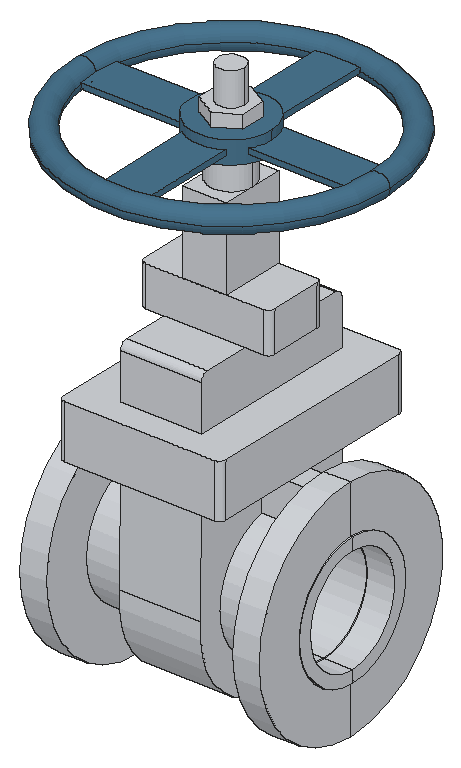
Revit family "451A Gate Valve", category Pipe Accessories, Revit 2018
Family settings
  Round Connector Dimension = Use Diameter
  Part Type = Valve - Breaks Into
  Work Plane-Based = No
  Always vertical = Yes
  Cut with Voids When Loaded = No
  Shared = No
Parameters (values of type "451A Gate Valve")
  pipe radius [instance] = Pipe Diameter / 2  # 1.750"
  pad fillet [instance] = 0.205"  # constant formula
  fillet1 [instance] = 0.074"  # constant formula
  center of handle [instance] = H8 - HND1  # 12.81656"
  Weight [instance] = size_lookup(LookupTable, "Weight", "NA", Nominal Diameter)  # "48.5 lbs."
  WR3 [instance] = 0.250"  # constant formula
  WR1 [instance] = W3 / 2  # 2.875"
  WD2 [instance] = size_lookup(LookupTable, "WD2", 0.000", Nominal Diameter)  # 3.745"
  WD1 [instance] = size_lookup(LookupTable, "WD1", 0.000", Nominal Diameter)  # 9.090"
  W5 [instance] = size_lookup(LookupTable, "W5", 0.000", Nominal Diameter)  # 7.500"
  W4 [instance] = size_lookup(LookupTable, "W4", 0.000", Nominal Diameter)  # 2.14286"
  W3 [instance] = size_lookup(LookupTable, "W3", 0.000", Nominal Diameter)  # 5.750"
  W2 [instance] = size_lookup(LookupTable, "W2", 0.000", Nominal Diameter)  # 5.750"
  W1 [instance] = size_lookup(LookupTable, "W1", 0.000", Nominal Diameter)  # 0.880"
  URL = "http://www.fnw.com"
  Standards Lookup Table = "Standards"  # constant formula
  R3 [instance] = size_lookup(LookupTable, "R3", 0.000", Nominal Diameter)  # 3.375"
  R2 [instance] = size_lookup(LookupTable, "R2", 0.000", Nominal Diameter)  # 2.150"
  R1 [instance] = size_lookup(LookupTable, "R1", 0.000", Nominal Diameter)  # 3.750"
  Product ID [instance] = size_lookup(LookupTable, "ProductID", "NA", Nominal Diameter)  # "4479446"
  Pipe Diameter [instance] = size_lookup(Standards Lookup Table, "pipe_dia", 0.000", Nominal Diameter)  # 3.500"
  Part Number [instance] = size_lookup(LookupTable, "PartNumber", "NA", Nominal Diameter)  # "FNW451AM"
  Nominal Diameter [instance] = 3"
  LookupTable = "451A Gate Valve"  # constant formula
  L3 [instance] = size_lookup(LookupTable, "L3", 0.000", Nominal Diameter)  # 1.72333"
  L2 [instance] = size_lookup(LookupTable, "L2", 0.000", Nominal Diameter)  # 0.060"
  L1 [instance] = size_lookup(LookupTable, "L1", 0.000", Nominal Diameter)  # 0.880"
  HND1 [instance] = if(Nominal Diameter < 4.000", 0.380", 0.500")  # 0.380"
  H9 [instance] = size_lookup(LookupTable, "H9", 0.000", Nominal Diameter)  # 13.62625"
  H8 [instance] = size_lookup(LookupTable, "H8", 0.000", Nominal Diameter)  # 13.19656"
  H7 [instance] = size_lookup(LookupTable, "H7", 0.000", Nominal Diameter)  # 12.44656"
  H6 [instance] = size_lookup(LookupTable, "H6", 0.000", Nominal Diameter)  # 11.32156"
  H5 [instance] = size_lookup(LookupTable, "H5", 0.000", Nominal Diameter)  # 8.590"
  H4 [instance] = size_lookup(LookupTable, "H4", 0.000", Nominal Diameter)  # 7.270"
  H3 [instance] = size_lookup(LookupTable, "H3", 0.000", Nominal Diameter)  # 5.510"
  H2 [instance] = size_lookup(LookupTable, "H2", 0.000", Nominal Diameter)  # 3.750"
  H11 [instance] = size_lookup(LookupTable, "H11", 0.000", Nominal Diameter)  # 3.250"
  H10 [instance] = size_lookup(LookupTable, "H10", 0.000", Nominal Diameter)  # 14.720"
  H1 [instance] = size_lookup(LookupTable, "H1", 0.000", Nominal Diameter)  # 3.375"
  Description BOM [instance] = size_lookup(LookupTable, "Description_BOM", "NA", Nominal Diameter)  # "3 Stainless Steel 150# Flanged GATE Valve"
  D7 [instance] = size_lookup(LookupTable, "D7", 0.000", Nominal Diameter)  # 9.840"
  D6 [instance] = size_lookup(LookupTable, "D6", 0.000", Nominal Diameter)  # 1.4375"
  D5 [instance] = size_lookup(LookupTable, "D5", 0.000", Nominal Diameter)  # 1.4375"
  D4 [instance] = size_lookup(LookupTable, "D4", 0.000", Nominal Diameter)  # 0.875"
  D3 [instance] = size_lookup(LookupTable, "D3", 0.000", Nominal Diameter)  # 4.280"
  D2 [instance] = size_lookup(LookupTable, "D2", 0.000", Nominal Diameter)  # 2.66333"
  D1 [instance] = size_lookup(LookupTable, "D1", 0.000", Nominal Diameter)  # 5.350"
  Angle [instance] = 120.00°  # constant formula
Reference planes (in)
  plane 1 "Center (Front/Back)": y = 0
  plane 2: z = 0
  plane 3 "Center (Left/Right)": x = 0
  plane 4: y = 0.375
  plane 5: y = -0.375
  plane 6: x = -3.93499
  plane 7: x = -3.05499
  plane 8: x = 3.935
  plane 9: x = 3.055
  plane 10: z = -3.25
  plane 11: z = 3.75
  plane 12: z = 1.75
  plane 13: z = 3.375
  plane 14: x = -1.33166
  plane 15: x = 1.33167
  plane 16: z = 3.75
  plane 17: z = 5.51
  plane 18: z = 7.27
  plane 19: z = 8.59
  plane 20: z = 11.32156
  plane 21: z = 13.19656
  plane 22: x = 4.92
  plane 23: x = -4.92
  plane 24: x = 0.71875
  plane 25: x = -0.71875
  plane 26: x = -2.14
  plane 27: x = 2.14
  plane 28: x = 1.33167
  plane 29: x = -1.33166
  plane 30: x = 2.675
  plane 31: x = -2.675
  plane 32: x = 0.64
  plane 33: x = -0.64
  plane 34: x = -0.71875
  plane 35: x = 0.71875
  plane 36: z = 14.72
  plane 37: z = 13.62625
  plane 38: x = -0.4375
  plane 39: x = 0.4375
  plane 40 "center of handle": z = 12.81656
  plane 41: x = -3.99499
  plane 42: x = 3.995
  plane 43: z = 2.15
  plane 44: z = 3.375
  plane 45: y = -0.44
  plane 46: y = 0.44
  plane 47: y = -2.875
  plane 48: y = 2.875
  plane 49: y = -2.875
  plane 50: y = 2.875
  plane 51: y = 4.545
  plane 52: y = -4.545
  plane 53: z = 12.44656
  plane 54: y = 0.71875
  plane 55: y = -0.71875
Forms (in)
  Revolve 1, solid
    sketch origin (0, 0, 0) x (1, 0, 0) y (0, 0, 1)
      loop
        line (-3.99499, 1.75) -> (-3.05499, 1.75) -> (-3.05499, 3.75) -> (-3.93499, 3.75) -> (-3.93499, 2.15) -> (-3.99499, 2.15) -> (-3.99499, 1.75)
      axis (-3.05499, 0) -> (-3.99499, 0)
    angle from 0 to 360
  Revolve 2, solid
    sketch origin (0, 0, 0) x (-1, 0, 0) y (0, 0, 1)
      loop
        line (-3.99499, 1.75) -> (-3.05499, 1.75) -> (-3.05499, 3.75) -> (-3.93499, 3.75) -> (-3.93499, 2.15) -> (-3.99499, 2.15) -> (-3.99499, 1.75)
      axis (-3.05499, 0) -> (-3.99499, 0)
    angle from 0 to 360
  Revolve 3, solid
    sketch origin (0, 0, 0) x (1, 0, 0) y (0, 0, 1)
      loop
        line (-3.05499, 2.15) -> (-3.05499, 1.75) -> (3.055, 1.75) -> (3.055, 2.15) -> (-3.05499, 2.15)
      axis (-3.05499, 0) -> (3.055, 0)
    angle from 0 to 360
  Extrusion 4, solid
    sketch origin (0, 0, 0) x (1, 0, 0) y (0, 0, 1)
      loop
        line (-2.14, 3.75) -> (-2.14, 3.449)
        arc (-2.14, 3.449) -> (-2.16167, 3.39667) -> (-2.214, 3.375) r 0.074
        line (-2.214, 3.375) -> (-3.05499, 3.375) -> (-3.05499, 2.15) -> (3.055, 2.15) -> (3.055, 3.375) -> (2.214, 3.375)
        arc (2.214, 3.375) -> (2.16167, 3.39667) -> (2.14, 3.449) r 0.074
        line (2.14, 3.449) -> (2.14, 3.75) -> (-2.14, 3.75)
    from -0.44 to 0.44
  Extrusion 5, solid
    sketch origin (0, 0, 0) x (0, 1, 0) y (0, 0, 1)
      loop
        line (-2.875, 3.75) -> (-2.89653, -0.00852)
        arc (-2.89653, -0.00852) -> (-2.20361, -2.27395) -> (-0.04499, -3.25) r 2.875
        line (-0.04499, -3.25) -> (0.03608, -3.25)
        arc (0.03608, -3.25) -> (2.19469, -2.27395) -> (2.88762, -0.00852) r 2.875
        line (2.88762, -0.00852) -> (2.875, 3.75) -> (-2.875, 3.75)
      loop
        line (2.875, 5.51) -> (2.875, 7.02)
        arc (2.875, 7.02) -> (2.80178, 7.19678) -> (2.625, 7.27) r 0.25
        line (2.625, 7.27) -> (-2.625, 7.27)
        arc (-2.625, 7.27) -> (-2.80178, 7.19678) -> (-2.875, 7.02) r 0.25
        line (-2.875, 7.02) -> (-2.875, 5.51) -> (2.875, 5.51)
    from -1.33167 to 1.33167
  Extrusion 6, solid
    sketch origin (0, 0.17, 0) x (1, 0, 0) y (0, 1, 0)
      loop
        arc (-2.47, 3.58) -> (-2.61496, 3.51996) -> (-2.675, 3.375) r 0.205
        line (-2.675, 3.375) -> (-2.675, -3.715)
        arc (-2.675, -3.715) -> (-2.61496, -3.85996) -> (-2.47, -3.92) r 0.205
        line (-2.47, -3.92) -> (2.47, -3.92)
        arc (2.47, -3.92) -> (2.61496, -3.85996) -> (2.675, -3.715) r 0.205
        line (2.675, -3.715) -> (2.675, 3.375)
        arc (2.675, 3.375) -> (2.61496, 3.51996) -> (2.47, 3.58) r 0.205
        line (2.47, 3.58) -> (-2.47, 3.58)
    from 3.75 to 5.51
  Extrusion 7, solid
    sketch origin (0, 0, 0) x (1, 0, 0) y (0, 1, 0)
      loop
        arc (-1.935, 1.07143) -> (-2.07996, 1.01139) -> (-2.14, 0.86643) r 0.205
        line (-2.14, 0.86643) -> (-2.14, -0.86643)
        arc (-2.14, -0.86643) -> (-2.07996, -1.01139) -> (-1.935, -1.07143) r 0.205
        line (-1.935, -1.07143) -> (1.935, -1.07143)
        arc (1.935, -1.07143) -> (2.07996, -1.01139) -> (2.14, -0.86643) r 0.205
        line (2.14, -0.86643) -> (2.14, 0.86643)
        arc (2.14, 0.86643) -> (2.07996, 1.01139) -> (1.935, 1.07143) r 0.205
        line (1.935, 1.07143) -> (-1.935, 1.07143)
    from 7.27 to 8.59
  Extrusion 8, solid
    sketch origin (0, 0, 0) x (0, 1, 0) y (0, 0, 1)
      loop
        line (-1.07143, 11.32156) -> (-1.07143, 8.59) -> (1.07143, 8.59) -> (1.07143, 11.32156) -> (-1.07143, 11.32156)
    from -0.71875 to 0.71875
  Extrusion 9, solid
    sketch origin (0, 0, 0) x (1, 0, 0) y (0, 1, 0)
      loop
        circle (0, 0) r 0.71875
    from 11.32156 to 12.44656
  Sweep 10, solid, material "Lever Handle Blue"
    path in 3D
      loop
        arc (4.92, 0, 12.81656) -> (0, 4.92, 12.81656) -> (-4.92, 0, 12.81656) r 4.92
        arc (-4.92, 0, 12.81656) -> (0, -4.92, 12.81656) -> (4.92, 0, 12.81656) r 4.92
    profile origin (0, -4.92, 12.81656) x (0, 1, 0) y (0, 0, 1)
      loop
        circle (0.08977, 0) r 0.38
  Extrusion 11, solid, material "Lever Handle Blue"
    sketch origin (0, 0, 12.81656) x (-1, 0, 0) y (0, -1, 0)
      loop
        circle (0, 0) r 1.33167
    from -0.37 to 0.38
  Extrusion 12, solid
    sketch origin (0, 0, 12.81656) x (-1, 0, 0) y (0, -1, 0)
      loop
        circle (0, 0) r 0.4375
    from 0.80969 to 1.90344
  Extrusion 13, solid
    sketch origin (0, 0, 12.81656) x (-1, 0, 0) y (0, -1, 0)
      loop
        line (-0.71875, -0.41497) -> (0, -0.82994) -> (0.71875, -0.41497) -> (0.71875, 0.41497) -> (0, 0.82994) -> (-0.71875, 0.41497) -> (-0.71875, -0.41497)
    from 0.38 to 0.80969
  Extrusion 14, solid, material "Lever Handle Blue"
    sketch origin (0, 0, 12.81656) x (-1, 0, 0) y (0, -1, 0)
      loop
        line (0.71875, -4.545) -> (0.71875, -0.71875) -> (4.545, -0.71875) -> (4.545, 0.71875) -> (0.71875, 0.71875) -> (0.71875, 4.545) -> (-0.71875, 4.545) -> (-0.71875, 0.71875) -> (-4.545, 0.71875) -> (-4.545, -0.71875) -> (-0.71875, -0.71875) -> (-0.71875, -4.545) -> (0.71875, -4.545)
    from -0.08904 to 0.08904
Cuts and joins
  joined: Extrusion 11, Extrusion 14
Lines and regions (in)
  model lines
    curve 1: circle (0, 0, 12.81656) r 4.92 normal (0, 0, 1)
  sketch lines
    curve 2: circle (0, 0, 12.81656) r 4.92 normal (0, 0, 1)
Dimensions and locks (in)
  "L1": plane 7 to plane 6
  equal spacing: plane 15, plane 3 "Center (Left/Right)", plane 14
  "D2": plane 15 to plane 14
  "L3": plane 14 to plane 7
  "L3": plane 15 to plane 9
  "L1": plane 9 to plane 8
  "center of handle": plane 40 "center of handle" to plane 2
  "H8": plane 21 to plane 2
  "H6": plane 20 to plane 2
  "H5": plane 19 to plane 2
  "H4": plane 18 to plane 2
  "H3": plane 17 to plane 2
  "H2": plane 16 to plane 2
  "R1": plane 11 to plane 2
  "R3": plane 13 to plane 2
  "H9": plane 37 to plane 2
  "H10": plane 36 to plane 2
  equal spacing: plane 22, plane 3 "Center (Left/Right)", plane 23
  "D7": plane 22 to plane 23
  equal spacing: plane 24, plane 3 "Center (Left/Right)", plane 25
  "D6": plane 24 to plane 25
  equal spacing: plane 38, plane 3 "Center (Left/Right)", plane 39
  "D4": plane 38 to plane 39
  equal spacing: plane 34, plane 3 "Center (Left/Right)", plane 35
  "D5": plane 34 to plane 35
  equal spacing: plane 26, plane 3 "Center (Left/Right)", plane 27
  "D3": plane 26 to plane 27
  equal spacing: plane 28, plane 3 "Center (Left/Right)", plane 29
  "D2": plane 28 to plane 29
  equal spacing: plane 30, plane 3 "Center (Left/Right)", plane 31
  "D1": plane 30 to plane 31
  "L2": plane 8 to plane 42
  "L2": plane 6 to plane 41
  "pipe radius": plane 12 to plane 2
  "R2": plane 43 to plane 2
  "H1": plane 13 to plane 2
  "R3": plane 44 to plane 2
  equal spacing: plane 45, plane 1 "Center (Front/Back)", plane 46
  "W1": plane 45 to plane 46
  "H11": plane 2 to plane 10
  equal spacing: plane 47, plane 1 "Center (Front/Back)", plane 48
  "W2": plane 47 to plane 48
  equal spacing: plane 49, plane 1 "Center (Front/Back)", plane 50
  "W3": plane 49 to plane 50
  equal spacing: plane 51, plane 1 "Center (Front/Back)", plane 52
  equal spacing: Extrusion 4, plane 3 "Center (Left/Right)", Extrusion 4
  Extrusion 4 to Extrusion 4 = 4.280"
  equal spacing: Extrusion 7 sketch curve, plane 1 "Center (Front/Back)", Extrusion 7 sketch curve
  "W4": Extrusion 7 sketch curve to Extrusion 7 sketch curve
  "H7": plane 53 to plane 2
  equal spacing: Extrusion 13 sketch curve, plane 3 "Center (Left/Right)", Extrusion 13 sketch curve  (x3)
  "D5": Extrusion 13 sketch curve to Extrusion 13 sketch curve  (x3)
  equal spacing: Extrusion 14 sketch curve, plane 3 "Center (Left/Right)", Extrusion 14 sketch curve  (x2)
  "D5": Extrusion 14 sketch curve to Extrusion 14 sketch curve
  "WD1": Extrusion 14 sketch curve to Extrusion 14 sketch curve
  "WD1": plane 51 to plane 52
  equal spacing: plane 54, plane 1 "Center (Front/Back)", plane 55
  "D5": plane 54 to plane 55
  equal spacing: cut or joined group of Extrusion 11, Extrusion 14, plane 40 "center of handle", cut or joined group of Extrusion 11, Extrusion 14
  equal spacing: Extrusion 6 sketch curve, plane 1 "Center (Front/Back)", Extrusion 6 sketch curve
  "W5": Extrusion 6 sketch curve to Extrusion 6 sketch curve
  equal spacing: Extrusion 8 sketch curve, plane 1 "Center (Front/Back)", Extrusion 8 sketch curve
  "W4": Extrusion 8 sketch curve to Extrusion 8 sketch curve
  equal spacing: Extrusion 4 sketch curve, plane 3 "Center (Left/Right)", Extrusion 4 sketch curve
  "D3": Extrusion 4 sketch curve to Extrusion 4 sketch curve
  "fillet1": radius of Extrusion 4 sketch curve  (x2)
  "WR1": radius of Extrusion 5 sketch curve  (x2)
  "pad fillet": radius of Extrusion 6 sketch curve  (x4)
  "WR3": radius of Extrusion 5 sketch curve  (x2)
  "pad fillet": radius of Extrusion 7 sketch curve  (x4)
  "D6": diameter of Extrusion 9 sketch curve
  "D7": diameter of curve 1
  "HND1": radius of Sweep 10 sketch curve
  "D2": diameter of Extrusion 11 sketch curve
  "D4": diameter of Extrusion 12 sketch curve
  "Angle": angle Extrusion 13 sketch curve to Extrusion 13 sketch curve  (x5)
  aligned and locked: plane 2 to level
  aligned and locked: plane 2 to Revolve 1 sketch curve
  aligned and locked: Revolve 1 sketch curve to plane 43
  aligned and locked: plane 41 to Revolve 1 sketch curve
  aligned and locked: Revolve 1 sketch curve to plane 12
  aligned and locked: Revolve 1 sketch curve to plane 7
  aligned and locked: Revolve 1 sketch curve to plane 11
  aligned and locked: plane 12 to Revolve 2 sketch curve
  aligned and locked: Revolve 2 sketch curve to plane 9
  aligned and locked: plane 8 to Revolve 2 sketch curve
  aligned and locked: Revolve 2 sketch curve to plane 42
  aligned and locked: Revolve 2 sketch curve to plane 43
  aligned and locked: Revolve 2 sketch curve to plane 11
  aligned and locked: Revolve 3 sketch curve to plane 2
  aligned and locked: Revolve 3 sketch curve to plane 43
  aligned and locked: Revolve 3 sketch curve to plane 12
  aligned and locked: plane 7 to Revolve 3 sketch curve
  aligned and locked: Revolve 3 sketch curve to plane 9
  aligned and locked: plane 13 to Extrusion 4 sketch curve
  aligned and locked: Extrusion 4 sketch curve to plane 13
  aligned and locked: Extrusion 4 sketch curve to plane 16
  aligned and locked: plane 46 to Extrusion 4
  aligned and locked: Extrusion 4 to plane 45
  aligned and locked: plane 10 to Extrusion 5 sketch curve
  aligned and locked: plane 16 to Extrusion 5 sketch curve  (x2)
  aligned and locked: Extrusion 5 to plane 28
  aligned and locked: Extrusion 5 to plane 29
  aligned and locked: Extrusion 6 to plane 16
  aligned and locked: plane 17 to Extrusion 6
  aligned and locked: plane 30 to Extrusion 6
  aligned and locked: Extrusion 6 to plane 31
  aligned and locked: plane 49 to Extrusion 5 sketch curve
  aligned and locked: Extrusion 5 sketch curve to plane 50
  aligned and locked: plane 18 to Extrusion 5
  aligned and locked: Extrusion 7 to plane 18
  aligned and locked: plane 19 to Extrusion 7
  aligned and locked: plane 27 to Extrusion 7
  aligned and locked: Extrusion 7 to plane 26
  aligned and locked: plane 19 to Extrusion 8 sketch curve
  aligned and locked: Extrusion 8 sketch curve to plane 20
  aligned and locked: Extrusion 8 to plane 25
  aligned and locked: plane 24 to Extrusion 8
  aligned and locked: Extrusion 9 to plane 20
  aligned and locked: plane 21 to Extrusion 11
  aligned and locked: Extrusion 11 to plane 53
  aligned and locked: Extrusion 9 to plane 53
  aligned and locked: Extrusion 12 to plane 37
  aligned and locked: plane 36 to Extrusion 12
  aligned and locked: Extrusion 13 to plane 21
  aligned and locked: plane 37 to Extrusion 13
  aligned and locked: plane 52 to Extrusion 14 sketch curve
  aligned and locked: plane 51 to Extrusion 14 sketch curve
  aligned and locked: plane 53 to Extrusion 11
  aligned and locked: cut or joined group of Extrusion 11, Extrusion 14 to plane 54
  aligned and locked: cut or joined group of Extrusion 11, Extrusion 14 to plane 55  (x2)
  aligned and locked: plane 54 to cut or joined group of Extrusion 11, Extrusion 14
Automatic sketch dimensions
  Revolve 1 sketch curve to plane 6 = 0.000"
  Revolve 1 sketch curve to plane 23 = 0.99634"
  plane 6 to Revolve 1 sketch curve = 0.06481"
  Revolve 2 sketch curve to level = 0.000"
  plane 22 to Revolve 2 sketch curve = 0.99634"
  Revolve 2 sketch curve to plane 8 = 0.06481"
  Revolve 3 sketch curve to plane 38 = 0.01059"
  Revolve 3 sketch curve to plane 22 = 0.50503"
  Extrusion 4 sketch curve to plane 7 = 0.000"
  Extrusion 4 sketch curve to plane 9 = 0.000"
  Extrusion 4 sketch curve to plane 43 = 0.000"
  Extrusion 5 sketch curve to plane 47 = 0.000"
  Extrusion 5 sketch curve to plane 48 = 0.000"
  Extrusion 5 sketch curve to plane 17 = 0.000"
  Extrusion 5 sketch curve to plane 18 = 0.000"
  Extrusion 5 sketch curve to level = 0.00852"  (x2)
  Extrusion 5 sketch curve to plane 47 = 0.02153"
  Extrusion 5 sketch curve to plane 1 "Center (Front/Back)" = 0.03608"
  Extrusion 6 sketch curve to plane 31 = 0.000"
  Extrusion 6 sketch curve to plane 30 = 0.000"
  Extrusion 7 sketch curve to plane 26 = 0.000"
  Extrusion 7 sketch curve to plane 27 = 0.000"
  plane 1 "Center (Front/Back)" to Extrusion 9 sketch curve = 0.000"
  Extrusion 9 sketch curve to plane 3 "Center (Left/Right)" = 0.000"
  plane 1 "Center (Front/Back)" to curve 1 = 0.000"
  curve 1 to plane 3 "Center (Left/Right)" = 0.000"
  Sweep 10 sketch curve to profile plane = 0.000"
  Sweep 10 sketch curve to profile plane = 0.08977"
  plane 1 "Center (Front/Back)" to Extrusion 11 sketch curve = 0.000"
  Extrusion 11 sketch curve to plane 3 "Center (Left/Right)" = 0.000"
  plane 1 "Center (Front/Back)" to Extrusion 12 sketch curve = 0.000"
  Extrusion 12 sketch curve to plane 3 "Center (Left/Right)" = 0.000"
  Extrusion 14 sketch curve to plane 24 = 0.000"  (x2)
  Extrusion 14 sketch curve to plane 25 = 0.000"
  plane 54 to Extrusion 14 sketch curve = 0.000"
  Extrusion 14 sketch curve to plane 54 = 0.000"
  Extrusion 14 sketch curve to plane 55 = 0.000"  (x2)
Connectors (in)
  piping at (-3.93499, 0, 0), diameter 3, driven by "Nominal Diameter"
    settings: on Revolve 1, index 1, connector inside diameter 24", connector length 0.000", flow factor 0, pipe flow 0 GPM, pressure drop 0.00 psi, fitting loss kfactor 0, connector angle 0.00°, fixture units 0, engagement length 0.000", angle of deflection 0.00°, flow configuration 0, flow direction 0, fitting loss method 0, system type 29, joint type 0, gender type 0, connector reference index -1, connector utility 0, adjustable connector no, is connector primary yes, connector description ""
  piping at (3.935, 0, 0), diameter 3, driven by "Nominal Diameter"
    settings: on Revolve 2, index 2, connector inside diameter 24", connector length 0.000", flow factor 0, pipe flow 0 GPM, pressure drop 0.00 psi, fitting loss kfactor 0, connector angle 0.00°, fixture units 0, engagement length 0.000", angle of deflection 0.00°, flow configuration 0, flow direction 0, fitting loss method 0, system type 29, joint type 0, gender type 0, connector reference index -1, connector utility 0, adjustable connector no, is connector primary no, connector description ""
